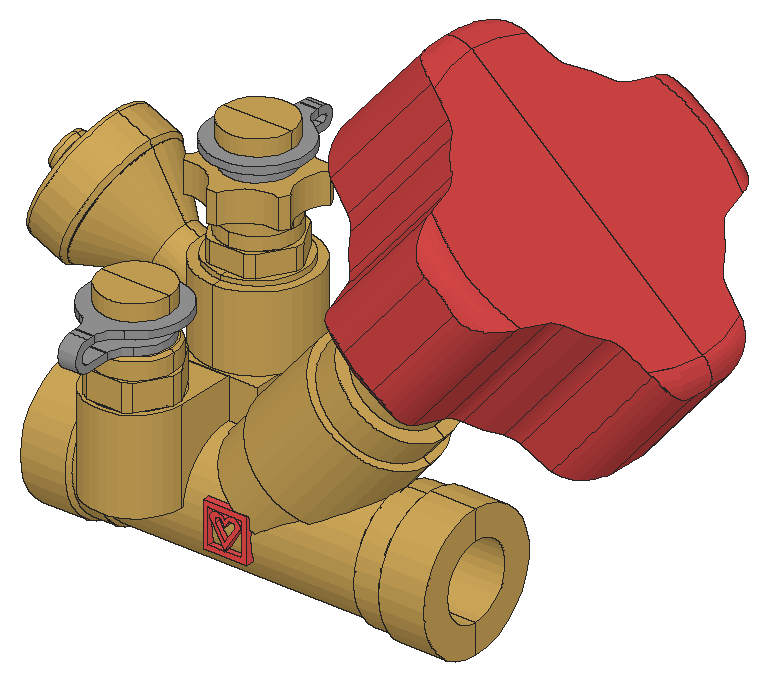
Revit family "Strangregulierventil mit Messblende 4017 ML", category Rohrzubehör, Revit 2020
Family settings
  Bemaßung runder Anschluss = Durchmesser verwenden
  Teiletyp = Unterbricht
  OmniClass-Nummer = 23.65.55.14
  OmniClass-Titel = Valves for Liquid Services
  Arbeitsebenenbasiert = Nein
  Immer vertikal = Ja
  Beim Laden mit Abzugskörper schneiden = Nein
  Gemeinsam genutzt = Nein
Parameters
  kvs-Wert [instance] = if(Nennweite = 15.000 mm, 2, if(Nennweite = 20.000 mm, 3.6, if(Nennweite = 25.000 mm, 6.5, if(Nennweite = 32.000 mm, 13.3, if(Nennweite = 40.000 mm, 18.5, if(Nennweite = 50.000 mm, 33, 0))))))  # 2
  kv-Wert der Blende [instance] = if(Nennweite = 15.000 mm, 1.95, if(Nennweite = 20.000 mm, 3.95, if(Nennweite = 25.000 mm, 7.9, if(Nennweite = 32.000 mm, 15.75, if(Nennweite = 40.000 mm, 21.5, if(Nennweite = 50.000 mm, 46.7, 0))))))  # 1.95
  W01 = 50.00°  # constant formula
  Vorgabe-Ansicht = 0.000 mm
  URL = "www.herz-armaturen.at"
  SW01 = 60.00°  # constant formula
  SCRNSEQ = "ARM;ARM_TYP=\"STRV\";2"
  SCRNCODE = "05;07;02"  # constant formula
  S03 = 60.000 mm  # constant formula
  S02 [instance] = L04 + L06 + L07  # 76.800 mm
  S01 [instance] = D01 * 2  # 27.000 mm
  R03 = 21.500 mm  # constant formula
  R02 = 9.500 mm  # constant formula
  R01 = 12.000 mm  # constant formula
  Medium = "Heizwasserqualität entsprechend ÖNORM H 5195 bzw. VDI-Richtlinie 2035"
  L10 [instance] = size_lookup("4017_ML_", "L10", 1.000 mm, Nennweite)  # 28.500 mm
  L09 [instance] = size_lookup("4017_ML_", "L9", 1.000 mm, Nennweite)  # 22.500 mm
  L08 [instance] = size_lookup("4017_ML_", "L8", 1.000 mm, Nennweite)  # 12.700 mm
  L07 [instance] = size_lookup("4017_ML_", "L7", 1.000 mm, Nennweite)  # 35.100 mm
  L06 [instance] = size_lookup("4017_ML_", "L6", 1.000 mm, Nennweite)  # 6.500 mm
  L05 [instance] = size_lookup("4017_ML_", "L5", 1.000 mm, Nennweite)  # 20.200 mm
  L04 [instance] = size_lookup("4017_ML_", "L4", 1.000 mm, Nennweite)  # 35.200 mm
  L03 [instance] = size_lookup("4017_ML_", "L3", 1.000 mm, Nennweite)  # 1.000 mm
  H03 [instance] = H01 - 19.000 mm  # 1.000 mm
  H02 = 13.000 mm  # constant formula
  Gehäuse = "entzinkungsbeständigem Messing"  # constant formula
  E01 [instance] = L00 / -2  # -41.500 mm
  E00 = 0.000 mm  # constant formula
  D09 [instance] = size_lookup("4017_ML_", "D9", 1.000 mm, Nennweite)  # 11.750 mm
  D08 [instance] = size_lookup("4017_ML_", "D8", 1.000 mm, Nennweite)  # 9.500 mm
  D07 [instance] = size_lookup("4017_ML_", "D7", 1.000 mm, Nennweite)  # 12.000 mm
  D06 [instance] = size_lookup("4017_ML_", "D6", 1.000 mm, Nennweite)  # 13.500 mm
  D05 [instance] = size_lookup("4017_ML_", "D5", 1.000 mm, Nennweite)  # 12.500 mm
  D04 [instance] = Nennweite / 2  # 7.500 mm
  IG [instance] = Nennweite / 2  # 7.500 mm
  D03 [instance] = size_lookup("4017_ML_", "D3", 1.000 mm, Nennweite)  # 11.900 mm
  D02 [instance] = size_lookup("4017_ML_", "D2", 1.000 mm, Nennweite)  # 12.700 mm
  D01 [instance] = size_lookup("4017_ML_", "D1", 1.000 mm, Nennweite)  # 13.500 mm
  Nennweite [instance] = 15.000 mm
  Max. Differenzdruck bei geschlossenen Sitz = 1000000.0 Pa  # constant formula
  Max. Betriebstemperatur = 130 °C  # constant formula
  Max. Betriebsdruck = 2000000.0 Pa  # constant formula
  L02 [instance] = size_lookup("4017_ML_", "L2", 1.000 mm, Nennweite)  # 5.000 mm
  L01 [instance] = size_lookup("4017_ML_", "L1", 1.000 mm, Nennweite)  # 9.250 mm
  L00 [instance] = size_lookup("4017_ML_", "L", 1.000 mm, Nennweite)  # 83.000 mm
  Hersteller = "HERZ Armaturen Ges.m.b.H."  # constant formula
  H01 [instance] = size_lookup("4017_ML_", "H1", 1.000 mm, Nennweite)  # 20.000 mm
  GT [instance] = size_lookup("4017_ML_", "GT", 1.000 mm, Nennweite)  # 13.200 mm
  DN50 [instance] = Nennweite = 50.000 mm  # no
  DN40 [instance] = Nennweite = 40.000 mm  # no
  DN32 [instance] = Nennweite = 32.000 mm  # no
  DN25 [instance] = Nennweite = 25.000 mm  # no
  DN20 [instance] = Nennweite = 20.000 mm  # no
  DN15 [instance] = Nennweite = 15.000 mm  # yes
  Bestellnummer [instance] = size_lookup("4017_ML_", "Artnr", 0, Nennweite)  # 1401731
  Ausführung = "STRÖMAX 4017 ML, Strangregulierventil mit Messblende und Impulsleitungsanschluss für Differenzdruckmessung in Schrägsitzform, mit Messventilen\r\nGelbe Ausführung aus entzinkungsbeständigen Messing, Muffe x Muffe, Spindelabdichtung mit Dreifach-O-Ring, Voreinstellung durch Hubbegrenzung, digitale Anzeige der Voreinstellstufe im Handradfenster."
  Anwendungsgebiet = "Zum hydraulischen Abgleich in Heiz- oder Kühlanlagen, Einregulieren von Verteilleitungen, Strängen, Wärmetauschern,\r\nHeiz- und Kühlregistern."
Reference planes
  plane 1 "Mitte (Vorne/hinten)": y = 0
  plane 2: z = 0
  plane 3 "Mitte (Links/rechts)": x = 0
Forms (mm)
  Revolve 1, solid, material "Messing, weicher Gelbton, geschweißt", detail levels fine
    sketch origin (470, 0, 0) x (1, 0, 0) y (0, 0, 1)
      loop
        line (-511.5, 7.5) -> (-498.3, 7.5) -> (-498.3, 0) -> (-441.7, 0) -> (-441.7, 7.5) -> (-428.5, 7.5) -> (-428.5, 13.5) -> (-437.75, 13.5) -> (-438.421, 12.7) -> (-443.421, 12.7) -> (-444.093, 11.9) -> (-495.907, 11.9) -> (-496.579, 12.7) -> (-501.579, 12.7) -> (-502.25, 13.5) -> (-511.5, 13.5) -> (-511.5, 7.5)
      axis (-511.5, 0) -> (-428.5, 0)
    angle from 0 to 360
  Revolve 2, solid, material "Messing, weicher Gelbton, geschweißt", detail levels fine
    sketch origin (0.32, 0, -0.105) x (1, 0, 0) y (0, 0, 1)
      loop
        line (-1.32, 0.105) -> (48.046, 58.937) -> (39.045, 66.49) -> (30.882, 56.761) -> (32.605, 55.315) -> (18.207, 38.155) -> (16.292, 39.762) -> (12.114, 34.783) -> (10.964, 35.747) -> (-2.02, 20.273) -> (-1.254, 19.63) -> (-7.652, 12.005) -> (-7.065, 4.926) -> (-1.32, 0.105)
      axis (-1.32, 0.105) -> (48.046, 58.937)
    angle from 0 to 360
  Extrusion 3, solid, material "Messing, weicher Gelbton, geschweißt", detail levels fine
    sketch origin (0, 0, 0) x (1, 0, 0) y (0, 1, 0)
      loop
        arc (-28.5, -12) -> (-19, -21.5) -> (-9.5, -12) r 9.5
        line (-9.5, -12) -> (-9.5, 0) -> (-28.5, 0) -> (-28.5, -12)
    from 1 <- "H03" to 20 <- "H01"
  Extrusion 4, solid, material "Messing, weicher Gelbton, geschweißt", detail levels fine
    sketch origin (0, 0, 0) x (1, 0, 0) y (0, 1, 0)
      loop
        line (-22.5, 12) -> (-22.5, 0) -> (-3.5, 0) -> (-3.5, 12)
        arc (-3.5, 12) -> (-13, 21.5) -> (-22.5, 12) r 9.5
    from 0 to 20 <- "H01"
  Extrusion 5, void
    sketch origin (0, 0, 0) x (1, 0, 0) y (0, 0, 1)
      loop
        line (55, 0) -> (80, 0) -> (80, 73) -> (55, 73) -> (55, 0)
    from 55 to -55
Cuts and joins
  Extrusion 5 cuts Revolve 2
Lines and regions (mm)
  model lines, detail levels coarse+medium
    curve 1: line (-41.5, 0, 13.5) -> (-41.5, 0, -13.5)
    curve 2: line (-41.5, 0, -13.5) -> (41.5, 0, 13.5)
    curve 3: line (41.5, 0, 13.5) -> (41.5, 0, -13.5)
    curve 4: line (41.5, 0, -13.5) -> (-41.5, 0, 13.5)
    curve 5: line (0, 0, 0) -> (38.4, 0, 66.511)
    curve 6: line (12.419, 0, 81.511) -> (64.381, 0, 51.511)
    curve 7: line (-41.5, -13.5, 0) -> (-41.5, 13.5, 0)
    curve 8: line (-41.5, 13.5, 0) -> (41.5, -13.5, 0)
    curve 9: line (41.5, -13.5, 0) -> (41.5, 13.5, 0)
    curve 10: line (41.5, 13.5, 0) -> (-41.5, -13.5, 0)
    curve 11: line (0, 0, 0) -> (38.4, 66.511, 0)
    curve 12: line (12.419, 81.511, 0) -> (64.381, 51.511, 0)
Dimensions and locks
  "L00": Revolve 1 sketch curve to Revolve 1 sketch curve
  equal spacing: Revolve 1 sketch curve, plane 3 "Mitte (Links/rechts)", Revolve 1 sketch curve
  "D01": Revolve 1 sketch curve to Revolve 1 sketch curve  (x2)
  "GT": Revolve 1 sketch curve to Revolve 1 sketch curve  (x2)
  "D06": Revolve 2 sketch curve to Revolve 2 sketch curve
  "D07": Revolve 2 sketch curve to Revolve 2 sketch curve
  "D08": Revolve 2 sketch curve to Revolve 2 sketch curve
  "D09": Revolve 2 sketch curve to Revolve 2 sketch curve
  equal spacing: curve 1, plane 3 "Mitte (Links/rechts)", curve 3
  "L00": curve 1 to curve 3
  equal spacing: curve 4, plane 2, curve 2
  "S01": curve 4 to curve 1
  "S01": curve 3 to curve 4
  equal spacing: curve 3, plane 2, curve 4
  "S02": curve 5 to curve 5
  equal spacing: curve 6, curve 5, curve 6
  "S03": curve 6 to curve 6
  equal spacing: curve 7, plane 3 "Mitte (Links/rechts)", curve 9
  "L00": curve 7 to curve 9
  equal spacing: curve 10, plane 1 "Mitte (Vorne/hinten)", curve 8
  "S01": curve 8 to curve 10
  equal spacing: curve 9, plane 1 "Mitte (Vorne/hinten)", curve 10
  "S01": curve 10 to curve 9
  "S02": curve 11 to curve 11
  equal spacing: curve 12, curve 11, curve 12
  "S03": curve 12 to curve 12
  "L01": Revolve 1 sketch curve to Revolve 1 sketch curve  (x2)
  "D02": Revolve 1 sketch curve to plane 2  (x2)
  "D03": Revolve 1 sketch curve to plane 2
  "IG": Revolve 1 sketch curve to plane 2  (x2)
  "L02": Revolve 1 sketch curve to Revolve 1 sketch curve  (x2)
  "L04": Revolve 2 sketch curve to Revolve 2 sketch curve
  "L05": Revolve 2 sketch curve to Revolve 2 sketch curve
  "D03": Revolve 2 sketch curve to plane 2
  "L06": Revolve 2 sketch curve to Revolve 2 sketch curve
  "L08": Revolve 2 sketch curve to Revolve 2 sketch curve
  "L07": Revolve 2 sketch curve to Revolve 2 sketch curve
  "D04": Revolve 2 sketch curve to Revolve 2 sketch curve
  "D05": Revolve 2 sketch curve to Revolve 2 sketch curve
  "L03": plane 3 "Mitte (Links/rechts)" to Revolve 2 sketch curve  (x2)
  "D03": nested 1 to plane 1 "Mitte (Vorne/hinten)"
  "L09": Revolve 1 to Extrusion 3 sketch curve
  "R01": Extrusion 3 sketch curve to plane 1 "Mitte (Vorne/hinten)"
  "R01": plane 1 "Mitte (Vorne/hinten)" to Extrusion 4 sketch curve
  "L10": Revolve 1 to Extrusion 4 sketch curve
  "H01": nested 2 to plane 2
  "R01": nested 2 to plane 1 "Mitte (Vorne/hinten)"
  "L09": Revolve 1 to nested 2
  Extrusion 5 sketch curve to plane 3 "Mitte (Links/rechts)" = 55.000 mm
  Extrusion 5 sketch curve to Extrusion 5 sketch curve = 25.000 mm
  Extrusion 5 sketch curve to plane 2 = 73.000 mm
  "L10": Revolve 1 to nested 9
  "R01": plane 1 "Mitte (Vorne/hinten)" to nested 9
  "H01": nested 9 to plane 2
  "R02": radius of Extrusion 3 sketch curve
  "R02": radius of Extrusion 4 sketch curve
  "W01": angle level to Revolve 2 sketch curve
  "SW01": angle plane 2 to curve 5
  "SW01": angle plane 1 "Mitte (Vorne/hinten)" to curve 11
  "W01": angle Revolve 1 sketch curve to Revolve 1 sketch curve  (x4)
  "W01": angle plane 2 to Revolve 2 sketch curve
  aligned and locked: level to plane 2
Automatic sketch dimensions
  Extrusion 5 sketch curve to level = 0.000 mm
  curve 5 to level = 0.000 mm
  plane 1 "Mitte (Vorne/hinten)" to curve 11 = 0.000 mm
  Revolve 1 sketch curve to level = 0.000 mm  (x2)
  Revolve 1 sketch curve to Revolve 1 sketch curve = 791.990 mm
  Revolve 1 sketch curve to Revolve 1 sketch curve = 2278.983 mm
  Revolve 2 sketch curve to level = 0.000 mm  (x2)
  plane 1 "Mitte (Vorne/hinten)" to Extrusion 3 sketch curve = 0.000 mm
  plane 1 "Mitte (Vorne/hinten)" to Extrusion 4 sketch curve = 0.000 mm
Nested families
  nested 1: "Herz-Logo-vorne" at (0, -11.9, 0) x (0, 1, 0) z (0, 0, 1), type "Herz-Logo-vorne", detail levels fine
  nested 2: "Messstutzen_Band_Eintritt_senkrecht_(oben)" at (-19, -12, 2.5) x (-1, 0, 0) z (0, 0, 1), type "Messstutzen_Band_Eintritt_senkrecht_(oben)", detail levels fine
    with Schutzkappe yes, Nennweite 0.000 mm, Gewicht 0.00 kg, Bestellnummer 0
  nested 3: "Strangregulierventil-Handrad (Rot) DN15-DN32" at (48.366, 0, 58.832), visible <- "DN15", type "Strangregulierventil-Handrad (Rot) DN15-DN32"
    with Nennweite 0.000 mm, Gewicht 0.00 kg, Bestellnummer 0
  nested 4: "Strangregulierventil-Handrad (Rot) DN15-DN32" at (50.13, 0, 62.126), visible <- "DN20", type "Strangregulierventil-Handrad (Rot) DN15-DN32"
    with Nennweite 0.000 mm, Gewicht 0.00 kg, Bestellnummer 0
  nested 5: "Strangregulierventil-Handrad (Rot) DN15-DN32" at (55.886, 0, 73.157), visible <- "DN25", type "Strangregulierventil-Handrad (Rot) DN15-DN32"
    with Nennweite 0.000 mm, Gewicht 0.00 kg, Bestellnummer 0
  nested 6: "Strangregulierventil-Handrad (Rot) DN15-DN32" at (60.493, 0, 82.58), visible <- "DN32", type "Strangregulierventil-Handrad (Rot) DN15-DN32"
    with Nennweite 0.000 mm, Gewicht 0.00 kg, Bestellnummer 0
  nested 7: "Strangregulierventil-Handrad (Rot) DN40-DN50" at (68.72, 0, 95.602), visible <- "DN40", type "Strangregulierventil-Handrad (Rot) DN40-DN50"
    with Nennweite 0.000 mm, Gewicht 0.00 kg, Bestellnummer 0
  nested 8: "Strangregulierventil-Handrad (Rot) DN40-DN50" at (66.762, 0, 99.586), visible <- "DN50", type "Strangregulierventil-Handrad (Rot) DN40-DN50"
    with Nennweite 0.000 mm, Gewicht 0.00 kg, Bestellnummer 0
  nested 9: "Messstutzen_Band-KFE_Austritt_senkrecht_(oben)" at (-13, 12, 24.41), type "Messstutzen_Band-KFE_Austritt_senkrecht_(oben)", detail levels fine
    with Schutzkappe yes, Nennweite 0.000 mm, Gewicht 0.00 kg, Bestellnummer 0
Connectors
  piping at (-28.3, 0, 0), diameter 15, driven by "Nennweite"
    settings: on Revolve 1, index 1, connector inside diameter 609.6 mm, connector length 0.000 mm, flow factor 0, pipe flow 0.0 L/s, pressure drop 0.0 Pa, fitting loss kfactor 0, connector angle 0.00°, fixture units 0, engagement length 0.000 mm, angle of deflection 0.00°, flow configuration 0, flow direction 1, fitting loss method 0, system type 29, joint type 0, gender type 0, connector reference index -1, connector utility 0, adjustable connector no, is connector primary yes, connector description ""
  piping at (28.3, 0, 0), diameter 15, driven by "Nennweite"
    settings: on Revolve 1, index 2, connector inside diameter 609.6 mm, connector length 0.000 mm, flow factor 0, pipe flow 0.0 L/s, pressure drop 0.0 Pa, fitting loss kfactor 0, connector angle 0.00°, fixture units 0, engagement length 0.000 mm, angle of deflection 0.00°, flow configuration 0, flow direction 2, fitting loss method 0, system type 29, joint type 0, gender type 0, connector reference index -1, connector utility 0, adjustable connector no, is connector primary no, connector description ""
Definition of nested family "Herz-Logo-vorne"
  Parameters (values of type "Herz-Logo-vorne")
    Default Elevation = 0.000 mm
  Reference planes
    plane 1 "Mitte (Vorne/hinten)": y = 0
    plane 2: z = 0
    plane 3 "Mitte (Links/rechts)": x = 0
  Forms (mm)
    Extrusion 1, solid
      sketch origin (0.732, -0.018, 0.017) x (0, -1, 0) y (0, 0, 1)
        loop
          line (-0.018, -4.517) -> (4.482, -4.517) -> (4.482, 4.483) -> (-4.518, 4.483) -> (-4.518, -4.517) -> (-0.018, -4.517)
        loop
          line (-0.05, -3.48) -> (3.482, -3.48) -> (3.482, 3.483) -> (-3.518, 3.483) -> (-3.518, -3.48) -> (-0.05, -3.48)
        loop
          arc (-0.018, 2.383) -> (-1.543, 3.287) -> (-3.067, 2.383) r 1.738
          arc (-3.067, 2.383) -> (-3.191, 1.899) -> (-3.067, 1.415) r 1.009
          line (-3.067, 1.415) -> (-0.018, -3.281) -> (3.032, 1.415)
          arc (3.032, 1.415) -> (3.156, 1.899) -> (3.032, 2.383) r 1.009
          arc (3.032, 2.383) -> (1.507, 3.287) -> (-0.018, 2.383) r 1.738
        loop
          arc (1.885, 1.272) -> (2.005, 1.675) -> (1.885, 2.079) r 0.74
          arc (1.885, 2.079) -> (1.265, 2.416) -> (0.644, 2.079) r 0.74
          line (0.644, 2.079) -> (-0.018, 0.97) -> (-0.679, 2.079)
          arc (-0.679, 2.079) -> (-1.3, 2.416) -> (-1.921, 2.079) r 0.74
          arc (-1.921, 2.079) -> (-2.04, 1.675) -> (-1.921, 1.272) r 0.74
          line (-1.921, 1.272) -> (-0.018, -1.658) -> (1.885, 1.272)
      from 0 to 1.5
  Dimensions and locks
    aligned and locked: level to plane 2
Definition of nested family "Messstutzen_Band_Eintritt_senkrecht_(oben)"
  Parameters (values of type "Messstutzen_Band_Eintritt_senkrecht_(oben)")
    Default Elevation = 0.000 mm
    URL = "www.herz-armaturen.at"
    Schutzkappe [instance] = yes
    Nennweite [instance] = 0.000 mm
    Manufacturer = "Herz Armaturen GmbH"  # constant formula
    Gewicht [instance] = 0.00 kg
    Bestellnummer [instance] = 0
  Reference planes
    plane 1 "Mitte (Vorne/hinten)": y = 0
    plane 2: z = 0
    plane 3 "Mitte (Links/rechts)": x = 0
    plane 4 "Schlaufe 1": z = -27
    plane 5 "Schlaufe 2": z = -31.678
  Forms (mm)
    Revolve 1, solid, detail levels fine
      sketch origin (0, 0, 0) x (1, 0, 0) y (0, 0, 1)
        loop
          line (-7.4, 9) -> (-5.55, 9) -> (-5.55, 6)
          arc (-5.55, 6) -> (-5.626, 5.617) -> (-5.843, 5.293) r 1
          line (-5.843, 5.293) -> (-6.455, 4.681) -> (-6.455, 0.9) -> (-5.555, 0) -> (-2, 0) -> (-2, 17.5) -> (-8.4, 17.5)
          arc (-8.4, 17.5) -> (-7.693, 17.207) -> (-7.4, 16.5) r 1
          line (-7.4, 16.5) -> (-7.4, 9)
        loop
          line (-3.7, 27) -> (-7.3, 27) -> (-7.9, 26.4) -> (-7.9, 23) -> (-2, 23) -> (-2, 35.8) -> (-3.805, 35.8) -> (-4.415, 35.19) -> (-4.415, 30.863) -> (-3.7, 30.45) -> (-3.7, 27)
        axis (0, 0) -> (0, 35.8)
      angle from 0 to 360
    Extrusion 2, solid, detail levels fine
      sketch origin (0, 0, 17.5) x (0, 1, 0) y (-1, 0, 0)
        loop
          arc (-7.07, 5.156) -> (-7.578, 4.375) -> (-8, 3.544) r 8.75
          line (-8, 3.544) -> (-8, -3.544)
          arc (-8, -3.544) -> (-7.578, -4.375) -> (-7.07, -5.156) r 8.75
          line (-7.07, -5.156) -> (-0.93, -8.7)
          arc (-0.93, -8.7) -> (0, -8.75) -> (0.93, -8.7) r 8.75
          line (0.93, -8.7) -> (7.07, -5.156)
          arc (7.07, -5.156) -> (7.578, -4.375) -> (8, -3.544) r 8.75
          line (8, -3.544) -> (8, 3.544)
          arc (8, 3.544) -> (7.578, 4.375) -> (7.07, 5.156) r 8.75
          line (7.07, 5.156) -> (0.93, 8.7)
          arc (0.93, 8.7) -> (0, 8.75) -> (-0.93, 8.7) r 8.75
          line (-0.93, 8.7) -> (-7.07, 5.156)
      from 0 to 5.5
    Revolve 3, solid, visible <- "Schutzkappe", detail levels fine
      sketch origin (0, 0, 0) x (1, 0, 0) y (0, 0, 1)
        loop
          line (0, 35.878) -> (0, 36.678) -> (-7, 36.678) -> (-7, 33.378) -> (-6.1, 33.378) -> (-6.1, 31.678) -> (-6.9, 31.678) -> (-6.9, 30.178) -> (-4.415, 30.178) -> (-4.415, 35.268) -> (-3.805, 35.878) -> (0, 35.878)
        axis (0, 30.178) -> (0, 36.678)
      angle from 0 to 360
    Extrusion 4, solid, detail levels fine
      sketch origin (0, 0, 28.5) x (1, 0, 0) y (0, 1, 0)
        loop
          circle (0, 0) r 3.7
        loop
          arc (-3.906, 5.505) -> (0, -6.75) -> (3.906, 5.505) r 6.75
          arc (3.906, 5.505) -> (2.358, 7.288) -> (1.8, 9.582) r 5
          line (1.8, 9.582) -> (-1.8, 9.582)
          arc (-1.8, 9.582) -> (-2.358, 7.288) -> (-3.906, 5.505) r 5
      from 0 to -1.5
    Extrusion 5, solid, detail levels fine
      sketch origin (0, 0, 33.178) x (1, 0, 0) y (0, 1, 0)
        loop
          circle (0, 0) r 6.1
        loop
          arc (-4.495, 8.652) -> (0, -9.75) -> (4.495, 8.652) r 9.75
          arc (4.495, 8.652) -> (2.527, 10.493) -> (1.8, 13.089) r 5
          line (1.8, 13.089) -> (-1.8, 13.089)
          arc (-1.8, 13.089) -> (-2.527, 10.493) -> (-4.495, 8.652) r 5
      from 0 to -1.5
    Sweep 6, solid, detail levels fine
      path origin (0, 0, 0) x (0, 0, -1) y (0, -1, 0)
        loop
          line (-27.75, -9.582) -> (-27.75, -14.522)
          arc (-27.75, -14.522) -> (-30.089, -16.862) -> (-32.428, -14.522) r 2.339
          line (-32.428, -14.522) -> (-32.428, -13.089)
      profile origin (0, 12.052, 27.75) x (0, 0, 1) y (1, 0, 0)
        loop
          line (-0.75, -1.8) -> (0.75, -1.8) -> (0.75, 1.8) -> (-0.75, 1.8) -> (-0.75, -1.8)
  Dimensions and locks
    aligned and locked: level to plane 2
Definition of nested family "Strangregulierventil-Handrad (Rot) DN15-DN32"
  Parameters (values of type "Strangregulierventil-Handrad (Rot) DN15-DN32")
    Default Elevation = 0.000 mm
    URL = "www.herz-armaturen.at"
    Nennweite [instance] = 0.000 mm
    Manufacturer = "Herz Armaturen GmbH"  # constant formula
    Gewicht [instance] = 0.00 kg
    Bestellnummer [instance] = 0
  Reference planes
    plane 1 "Mitte (Vorne/hinten)": y = 0
    plane 2: z = 0
    plane 3 "Mitte (Links/rechts)": x = 0
  Forms (mm)
    Revolve 1, solid, detail levels fine
      sketch origin (0, 0, 0) x (0.766044, 0, -0.642788) y (0.642788, 0, 0.766044)
        loop
          line (0, 0) -> (0, 24.95) -> (-30.992, 24.95)
          arc (-30.992, 24.95) -> (-34.37, 23.636) -> (-35.973, 20.386) r 5
          line (-35.973, 20.386) -> (-37, 8.65) -> (-35.986, -2.936)
          arc (-35.986, -2.936) -> (-34.383, -6.186) -> (-31.005, -7.5) r 5
          line (-31.005, -7.5) -> (-15, -7.5) -> (-15, 0) -> (0, 0)
        axis (0, 24.95) -> (0, -7.5)
      angle from 0 to 360
    Extrusion 2, void
      sketch origin (13.049, 0, 15.551) x (0.766044, 0, -0.642788) y (0, 1, 0)
        loop
          line (3.861, 35.5) -> (-3.861, 35.5)
          arc (-3.861, 35.5) -> (-8.731, 33.847) -> (-11.589, 29.571) r 8
          line (-11.589, 29.571) -> (-13.284, 23.245)
          arc (-13.284, 23.245) -> (-13.982, 21.722) -> (-15.144, 20.516) r 5
          arc (-15.144, 20.516) -> (-18.031, 18.031) -> (-20.516, 15.144) r 25.5
          arc (-20.516, 15.144) -> (-21.722, 13.982) -> (-23.245, 13.284) r 5
          line (-23.245, 13.284) -> (-29.571, 11.589)
          arc (-29.571, 11.589) -> (-33.847, 8.731) -> (-35.5, 3.861) r 8
          line (-35.5, 3.861) -> (-35.5, -3.861)
          arc (-35.5, -3.861) -> (-33.847, -8.731) -> (-29.571, -11.589) r 8
          line (-29.571, -11.589) -> (-23.245, -13.284)
          arc (-23.245, -13.284) -> (-21.722, -13.982) -> (-20.516, -15.144) r 5
          arc (-20.516, -15.144) -> (-18.031, -18.031) -> (-15.144, -20.516) r 25.5
          arc (-15.144, -20.516) -> (-13.982, -21.722) -> (-13.284, -23.245) r 5
          line (-13.284, -23.245) -> (-11.589, -29.571)
          arc (-11.589, -29.571) -> (-8.731, -33.847) -> (-3.861, -35.5) r 8
          line (-3.861, -35.5) -> (3.861, -35.5)
          arc (3.861, -35.5) -> (8.731, -33.847) -> (11.589, -29.571) r 8
          line (11.589, -29.571) -> (13.284, -23.245)
          arc (13.284, -23.245) -> (13.982, -21.722) -> (15.144, -20.516) r 5
          arc (15.144, -20.516) -> (18.031, -18.031) -> (20.516, -15.144) r 25.5
          arc (20.516, -15.144) -> (21.722, -13.982) -> (23.245, -13.284) r 5
          line (23.245, -13.284) -> (29.571, -11.589)
          arc (29.571, -11.589) -> (33.847, -8.731) -> (35.5, -3.861) r 8
          line (35.5, -3.861) -> (35.5, 3.861)
          arc (35.5, 3.861) -> (33.847, 8.731) -> (29.571, 11.589) r 8
          line (29.571, 11.589) -> (23.245, 13.284)
          arc (23.245, 13.284) -> (21.722, 13.982) -> (20.516, 15.144) r 5
          arc (20.516, 15.144) -> (18.031, 18.031) -> (15.144, 20.516) r 25.5
          arc (15.144, 20.516) -> (13.982, 21.722) -> (13.284, 23.245) r 5
          line (13.284, 23.245) -> (11.589, 29.571)
          arc (11.589, 29.571) -> (8.731, 33.847) -> (3.861, 35.5) r 8
        loop
          circle (0, 0) r 38
      from -31.266 to 7.923
  Cuts and joins
    Extrusion 2 cuts Revolve 1
  Dimensions and locks
    Revolve 1 sketch curve to Revolve 1 sketch curve = 15.000 mm
    Revolve 1 sketch curve to Revolve 1 sketch curve = 16.150 mm
    Revolve 1 sketch curve to Revolve 1 sketch curve = 16.300 mm
    angle Revolve 1 sketch curve to Revolve 1 sketch curve = 95.00°
    aligned and locked: level to plane 2
Definition of nested family "Strangregulierventil-Handrad (Rot) DN40-DN50"
  Parameters (values of type "Strangregulierventil-Handrad (Rot) DN40-DN50")
    Default Elevation = 0.000 mm
    URL = "www.herz-armaturen.at"
    Nennweite [instance] = 0.000 mm
    Manufacturer = "Herz Armaturen GmbH"  # constant formula
    Gewicht [instance] = 0.00 kg
    Bestellnummer [instance] = 0
  Reference planes
    plane 1 "Mitte (Vorne/hinten)": y = 0
    plane 2: z = 0
    plane 3 "Mitte (Links/rechts)": x = 0
  Forms (mm)
    Revolve 1, solid, detail levels fine
      sketch origin (0, 0, 0) x (0.766044, 0, -0.642788) y (0.642788, 0, 0.766044)
        loop
          line (0, 0) -> (0, 24.95) -> (-50.992, 24.95)
          arc (-50.992, 24.95) -> (-54.37, 23.636) -> (-55.973, 20.386) r 5
          line (-55.973, 20.386) -> (-57, 8.65) -> (-55.986, -2.936)
          arc (-55.986, -2.936) -> (-54.383, -6.186) -> (-51.005, -7.5) r 5
          line (-51.005, -7.5) -> (-15, -7.5) -> (-15, 0) -> (0, 0)
        axis (0, 24.95) -> (0, -7.5)
      angle from 0 to 360
    Extrusion 2, void
      sketch origin (13.049, 0, 15.551) x (0.766044, 0, -0.642788) y (0, 1, 0)
        loop
          line (-55, 6.292) -> (-55, -6.292)
          arc (-55, -6.292) -> (-52.52, -13.597) -> (-46.106, -17.883) r 12
          line (-46.106, -17.883) -> (-35.399, -20.752)
          arc (-35.399, -20.752) -> (-33.541, -21.612) -> (-32.08, -23.047) r 6
          arc (-32.08, -23.047) -> (-27.931, -27.931) -> (-23.047, -32.08) r 39.5
          arc (-23.047, -32.08) -> (-21.612, -33.541) -> (-20.752, -35.399) r 6
          line (-20.752, -35.399) -> (-17.883, -46.106)
          arc (-17.883, -46.106) -> (-13.597, -52.52) -> (-6.292, -55) r 12
          line (-6.292, -55) -> (6.292, -55)
          arc (6.292, -55) -> (13.597, -52.52) -> (17.883, -46.106) r 12
          line (17.883, -46.106) -> (20.752, -35.399)
          arc (20.752, -35.399) -> (21.612, -33.541) -> (23.047, -32.08) r 6
          arc (23.047, -32.08) -> (27.931, -27.931) -> (32.08, -23.047) r 39.5
          arc (32.08, -23.047) -> (33.541, -21.612) -> (35.399, -20.752) r 6
          line (35.399, -20.752) -> (46.106, -17.883)
          arc (46.106, -17.883) -> (52.52, -13.597) -> (55, -6.292) r 12
          line (55, -6.292) -> (55, 6.292)
          arc (55, 6.292) -> (52.52, 13.597) -> (46.106, 17.883) r 12
          line (46.106, 17.883) -> (35.399, 20.752)
          arc (35.399, 20.752) -> (33.541, 21.612) -> (32.08, 23.047) r 6
          arc (32.08, 23.047) -> (27.931, 27.931) -> (23.047, 32.08) r 39.5
          arc (23.047, 32.08) -> (21.612, 33.541) -> (20.752, 35.399) r 6
          line (20.752, 35.399) -> (17.883, 46.106)
          arc (17.883, 46.106) -> (13.597, 52.52) -> (6.292, 55) r 12
          line (6.292, 55) -> (-6.292, 55)
          arc (-6.292, 55) -> (-13.597, 52.52) -> (-17.883, 46.106) r 12
          line (-17.883, 46.106) -> (-20.752, 35.399)
          arc (-20.752, 35.399) -> (-21.612, 33.541) -> (-23.047, 32.08) r 6
          arc (-23.047, 32.08) -> (-27.931, 27.931) -> (-32.08, 23.047) r 39.5
          arc (-32.08, 23.047) -> (-33.541, 21.612) -> (-35.399, 20.752) r 6
          line (-35.399, 20.752) -> (-46.106, 17.883)
          arc (-46.106, 17.883) -> (-52.52, 13.597) -> (-55, 6.292) r 12
        loop
          circle (0, 0) r 60
      from -31.161 to 7.489
  Cuts and joins
    Extrusion 2 cuts Revolve 1
  Dimensions and locks
    Revolve 1 sketch curve to Revolve 1 sketch curve = 15.000 mm
    Revolve 1 sketch curve to Revolve 1 sketch curve = 16.150 mm
    Revolve 1 sketch curve to Revolve 1 sketch curve = 16.300 mm
    Revolve 1 sketch curve to Revolve 1 sketch curve = 57.000 mm
    angle Revolve 1 sketch curve to Revolve 1 sketch curve = 95.00°
    aligned and locked: level to plane 2
Definition of nested family "Messstutzen_Band-KFE_Austritt_senkrecht_(oben)"
  Parameters (values of type "Messstutzen_Band-KFE_Austritt_senkrecht_(oben)")
    Default Elevation = 0.000 mm
    URL = "www.herz-armaturen.at"
    Schutzkappe [instance] = yes
    Nennweite [instance] = 0.000 mm
    Manufacturer = "Herz Armaturen GmbH"  # constant formula
    Gewicht [instance] = 0.00 kg
    Bestellnummer [instance] = 0
  Reference planes
    plane 1 "Mitte (Vorne/hinten)": y = 0
    plane 2: z = 0
    plane 3 "Mitte (Links/rechts)": x = 0
  Forms (mm)
    Revolve 1, solid, detail levels fine
      sketch origin (0, 0, 0) x (1, 0, 0) y (0, 0, 1)
        loop
          line (-7.4, 9) -> (-5.55, 9) -> (-5.55, 6)
          arc (-5.55, 6) -> (-5.626, 5.617) -> (-5.843, 5.293) r 1
          line (-5.843, 5.293) -> (-6.455, 4.681) -> (-6.455, 0.9) -> (-5.555, 0) -> (-2, 0) -> (-2, 23) -> (-2, 35.8) -> (-3.805, 35.8) -> (-4.415, 35.19) -> (-4.415, 30.863) -> (-3.7, 30.45) -> (-3.7, 27) -> (-7.4, 27) -> (-7.4, 9)
        axis (0, 0) -> (0, 35.8)
      angle from 0 to 360
    Extrusion 2, solid, detail levels fine
      sketch origin (0, 0, 17.5) x (0, 1, 0) y (-1, 0, 0)
        loop
          arc (-7.07, 5.156) -> (-7.578, 4.375) -> (-8, 3.544) r 8.75
          line (-8, 3.544) -> (-8, -3.544)
          arc (-8, -3.544) -> (-7.578, -4.375) -> (-7.07, -5.156) r 8.75
          line (-7.07, -5.156) -> (-0.93, -8.7)
          arc (-0.93, -8.7) -> (0, -8.75) -> (0.93, -8.7) r 8.75
          line (0.93, -8.7) -> (7.07, -5.156)
          arc (7.07, -5.156) -> (7.578, -4.375) -> (8, -3.544) r 8.75
          line (8, -3.544) -> (8, 3.544)
          arc (8, 3.544) -> (7.578, 4.375) -> (7.07, 5.156) r 8.75
          line (7.07, 5.156) -> (0.93, 8.7)
          arc (0.93, 8.7) -> (0, 8.75) -> (-0.93, 8.7) r 8.75
          line (-0.93, 8.7) -> (-7.07, 5.156)
      from -5.51 to -1.21
    Revolve 3, solid, visible <- "Schutzkappe", detail levels fine
      sketch origin (0, 0, 0) x (1, 0, 0) y (0, 0, 1)
        loop
          line (0, 35.878) -> (0, 36.678) -> (-7, 36.678) -> (-7, 33.378) -> (-6.1, 33.378) -> (-6.1, 31.678) -> (-6.9, 31.678) -> (-6.9, 30.178) -> (-4.415, 30.178) -> (-4.415, 35.268) -> (-3.805, 35.878) -> (0, 35.878)
        axis (0, 30.178) -> (0, 36.678)
      angle from 0 to 360
    Extrusion 4, solid, detail levels fine
      sketch origin (0, 0, 30) x (1, 0, 0) y (0, 1, 0)
        loop
          circle (0, 0) r 3.7
        loop
          arc (-3.906, 5.505) -> (0, -6.75) -> (3.906, 5.505) r 6.75
          arc (3.906, 5.505) -> (2.358, 7.288) -> (1.8, 9.582) r 5
          line (1.8, 9.582) -> (-1.8, 9.582)
          arc (-1.8, 9.582) -> (-2.358, 7.288) -> (-3.906, 5.505) r 5
      from 0 to -1.5
    Extrusion 5, solid, detail levels fine
      sketch origin (0, 0, 33.178) x (1, 0, 0) y (0, 1, 0)
        loop
          circle (0, 0) r 6.1
        loop
          arc (-4.495, 8.652) -> (0, -9.75) -> (4.495, 8.652) r 9.75
          arc (4.495, 8.652) -> (2.527, 10.493) -> (1.8, 13.089) r 5
          line (1.8, 13.089) -> (-1.8, 13.089)
          arc (-1.8, 13.089) -> (-2.527, 10.493) -> (-4.495, 8.652) r 5
      from 0 to -1.5
    Sweep 6, solid, detail levels fine
      path origin (0, 0, 0) x (0, 0, -1) y (0, -1, 0)
        loop
          line (-29.25, -9.582) -> (-29.25, -14.522)
          arc (-29.25, -14.522) -> (-30.839, -16.112) -> (-32.428, -14.522) r 1.589
          line (-32.428, -14.522) -> (-32.428, -13.089)
      profile origin (0, 12.052, 29.25) x (0, 0, 1) y (1, 0, 0)
        loop
          line (-0.75, -1.8) -> (0.75, -1.8) -> (0.75, 1.8) -> (-0.75, 1.8) -> (-0.75, -1.8)
    Extrusion 7, solid, detail levels fine
      sketch origin (-101.196, 0, 0) x (1, 0, 0) y (0, 1, 0)
        loop
          arc (112.053, 5.113) -> (111.589, 6) -> (111.053, 6.845) r 12
          arc (111.053, 6.845) -> (105.696, 7.794) -> (102.196, 11.958) r 7.971
          arc (102.196, 11.958) -> (101.196, 12) -> (100.196, 11.958) r 12
          arc (100.196, 11.958) -> (96.696, 7.794) -> (91.34, 6.845) r 7.971
          arc (91.34, 6.845) -> (90.804, 6) -> (90.34, 5.113) r 12
          arc (90.34, 5.113) -> (92.196, 0) -> (90.34, -5.113) r 7.971
          arc (90.34, -5.113) -> (90.804, -6) -> (91.34, -6.845) r 12
          arc (91.34, -6.845) -> (96.696, -7.794) -> (100.196, -11.958) r 7.971
          arc (100.196, -11.958) -> (101.196, -12) -> (102.196, -11.958) r 12
          arc (102.196, -11.958) -> (105.696, -7.794) -> (111.053, -6.845) r 7.971
          arc (111.053, -6.845) -> (111.589, -6) -> (112.053, -5.113) r 12
          arc (112.053, -5.113) -> (110.196, 0) -> (112.053, 5.113) r 7.971
      from 22.3 to 28.5
    Revolve 8, solid, detail levels fine
      sketch origin (0, 43.374, -20) x (0, 1, 0) y (0, 0, 1)
        loop
          line (-43.374, 0) -> (-37.874, 0) -> (-36.774, 1.1) -> (-36.774, 4.9) -> (-37.874, 6) -> (-37.874, 8.4) -> (-36.424, 8.4) -> (-36.424, 9.2) -> (-34.424, 9.2) -> (-34.424, 15.59) -> (-31.874, 15.59) -> (-31.874, 30.99) -> (-33.874, 30.99) -> (-33.874, 31.99) -> (-43.374, 31.99) -> (-43.374, 0)
        loop
          line (-43.374, 39) -> (-43.374, 36.29) -> (-35.874, 36.29) -> (-35.874, 39) -> (-43.374, 39)
        axis (-43.374, 39) -> (-43.374, 0)
      angle from 0 to 360
    Revolve 9, solid, detail levels fine
      sketch origin (0, 0, 0) x (-1, 0, 0) y (0, 0, 1)
        loop
          line (0, -1.01) -> (32.627, 14.204) -> (27.556, 25.08) -> (25.934, 25.67) -> (21.602, 23.65) -> (14.873, 11.994) -> (-2.324, 3.975) -> (0, -1.01)
        axis (32.627, 14.204) -> (0, -1.01)
      angle from 0 to 360
    Revolve 10, solid, detail levels fine
      sketch origin (-51.188, 0, -39.797) x (-0.422618, 0, -0.906308) y (-0.906308, 0, 0.422618)
        loop
          line (-56.786, 8) -> (-45.747, 8) -> (-45.747, 0) -> (-43.834, 0) -> (-42.786, 1.048) -> (-42.786, 8.048)
          arc (-42.786, 8.048) -> (-43.065, 8.721) -> (-43.738, 9) r 0.952
          line (-43.738, 9) -> (-52.974, 9)
          arc (-52.974, 9) -> (-53.548, 9.238) -> (-53.786, 9.812) r 0.812
          line (-53.786, 9.812) -> (-53.786, 12) -> (-52.786, 12) -> (-52.786, 13.03)
          arc (-52.786, 13.03) -> (-53.07, 13.716) -> (-53.756, 14) r 0.97
          line (-53.756, 14) -> (-56.786, 14) -> (-56.786, 8)
        axis (-56.786, 14) -> (-56.786, 0)
      angle from 0 to 360
  Dimensions and locks
    aligned and locked: level to plane 2
